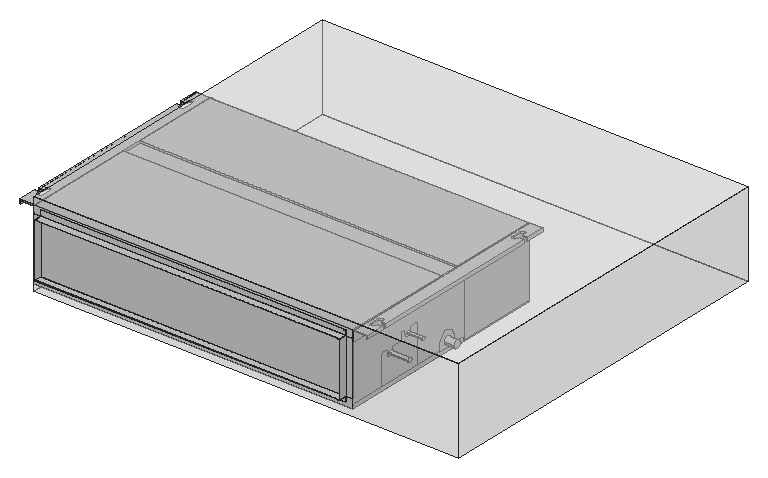
Revit family "outputfile", category 機械設備, Revit 2024
Family settings
  丸型コネクタ寸法 = 半径を使用
  パーツ タイプ = 標準
  OmniClass 番号 = 23.75.10.24.21.27.27
  OmniClass タイトル = Split System Air Conditioning Units
  作業面ベース = いいえ
  常に垂直 = はい
  ロード時にボイドで切り取り = いいえ
  注釈の向きを維持 = いいえ
  共有 = いいえ
  部屋計算ポイント = はい
Parameters (values of type "FDKS25CAVMB")
  Description = ""
  書き出し IFC クラス(タイプ) = "IfcUnitaryEquipmentType"
  定義済み IFC タイプ(タイプ) = "AIRCONDITIONINGUNIT"
  Cost = 0
  Type Comments = ""
  Keynote = ""
  Type Image = (empty or 0)
  Assembly Code = ""
  switch_frequency = yes
  ld_powersupply = Depth / 2  # 310.0 mm
  製造元 = "Daikin"
  モデル = "FDKS25CAVMB"
  r_Liquid Pipe Size = Liquid Pipe Size / 2  # 3.2 mm
  r_Gas Pipe Size = Gas Pipe Size / 2  # 4.75 mm
  r_Drain Pipe Size = Drain Pipe Size / 2  # 10.0 mm
  lw_powersupply = 50.0 mm  # constant formula
  lw_ductflange2 = 820.0 mm
  lw_Width = 860.0 mm
  lh_suctionflange [instance] = 100.0 mm  # constant formula
  ld_suctionflange [instance] = if(Rear Connection_Return Air, 190.0 mm, 100.0 mm)  # 190.0 mm
  connector_voltage = Voltage_50Hz  # 230 V
  connector_powerinput = [Power Input (Cooling)]  # 0.000 kW
  connector_phase = Phase_50Hz  # 1
  angle_vertical_RA [instance] = if(Rear Connection_Return Air, 90.00°, 0.00°)  # 90.00°
  angle horizontal_RA [instance] = if(Rear Connection_Return Air, 180.00°, 270.00°)  # 180.00°
  Voltage_comment_50Hz = "220 - 240"
  Voltage_50Hz = 230 V
  URL = ""
  Supply Air Direction [instance] = yes
  Sound Power Level_H speed (dB) = 0
  Rear Connection_Return Air [instance] = not(Bottom Connection_Return Air)  # yes
  RA_length [instance] = if(Rear Connection_Return Air, 190.0 mm, 100.0 mm)  # 190.0 mm
  Phase_50Hz = 1
  Minimum External Static Pressure = 0.00 Pa
  Minimum Circuit Amps_50Hz = 0.0 A
  Maximum Fuse Amps_50Hz = 0.0 A
  Maximum External Static Pressure = 40.00 Pa
  Material_Casing = DAIKIN_GalvanizedSteel_Casing_indoorunit
  lw_liquidpipe = 46.0 mm  # constant formula
  lw_gaspipe = 57.0 mm  # constant formula
  lw_mountinghole = 940.0 mm
  lw_drainpipe = 30.0 mm  # constant formula
  lh_powersupply = 150.0 mm  # constant formula
  lh_liquidpipe = 90.0 mm  # constant formula
  lh_gaspipe = 113.0 mm  # constant formula
  lh_mountinghole = Height  # 200.0 mm
  lh_drainpipe = 170.0 mm  # constant formula
  lh_antena = 1.0 mm  # constant formula
  ld_liquidpipe = 193.0 mm  # constant formula
  ld_gaspipe = 130.0 mm  # constant formula
  ld_mountinghole = 500.0 mm  # constant formula
  ld_drainpipe = 330.0 mm  # constant formula
  ld_controlbox = 626.0 mm  # constant formula
  h*** = 0.0 mm  # constant formula
  d_dischargeflange = 21.2 mm  # constant formula
  Width = 900.0 mm
  Version = "ver.1.0"
  Unit Type = "Duct (L.S.P)"
  Unit Mass Weight = 25.00 kg
  Unit Designation [instance] = ""
  Uniclass2015Version = "Products v1.30"
  Uniclass2015Title = "Split coil room air conditioning units"
  Uniclass2015Code = "Pr_70_65_03_86"
  Total Cooling Capacity [instance] = 0.000 kW
  Sound Pressure Level_M speed (dBA) = 33
  Sound Pressure Level_L speed (dBA) = 31
  Sound Pressure Level_H speed (dBA) = 35
  Series = "Multi Split_Fan Coil Unit"
  Sensible Cooling Capacity [instance] = 0.000 kW
  SA Duct Size Width = 860.0 mm
  SA Duct Size Height = 153.0 mm
  Refrigerant Type = "R410A"
  RA Duct Size Width = 780.0 mm
  RA Duct Size Height = 160.0 mm
  Power Input (Cooling) = 0.000 kW
  Option Accessory 3 [instance] = ""
  Option Accessory 2 [instance] = ""
  Option Accessory 1 [instance] = ""
  Nominal Cooling Capacity = 2.500 kW
  Minimum Airflow = 480.00 m³/h
  Median Airflow = 528.00 m³/h
  Maximum Airflow = 570.00 m³/h
  Load Classification = HVAC
  Liquid Pipe Size = 6.4 mm
  Link_Nested Family [instance] = ""
  IfcVersion = ""
  IfcExportType = "AIRCONDITIONINGUNIT"
  IfcExportAs = "IfcUnitaryEquipmentType"
  Height = 200.0 mm
  Heat Exchanger Type = "Cross Fin Coil"
  Gas Pipe Size = 9.5 mm
  Frequency_50Hz = 50 Hz
  Fan Type = "Sirocco Fan"
  Fan Drive = "Direct Drive"
  FCU Tag No. [instance] = ""
  Drain Pipe Size = 20.0 mm
  Design Supply Airflow [instance] = 0.00 m³/h
  Design Return Airflow [instance] = 0.00 m³/h
  Design External Static Pressure [instance] = 0.00 Pa
  Depth = 620.0 mm
  既定の高さ = 0.0 mm
  Cooling Entering Wet Bulb Temperature [instance] = 0.00 °C
  Cooling Entering Dry Bulb Temperature [instance] = 0.00 °C
  Cooling Ambient Wet Bulb Temperature [instance] = 0.00 °C
  Cooling Ambient Dry Bulb Temperature [instance] = 0.00 °C
  Clearance visibility [instance] = yes
  Clearance Top = 20.0 mm
  Clearance Right = 300.0 mm
  Clearance Rear = 400.0 mm
  Clearance Left = 0.0 mm
  Clearance Front = 0.0 mm
  Clearance Bottom = 20.0 mm
  Bottom Connection_Return Air [instance] = no
Reference planes
  plane 1 "Center (Front/Back)": y = 0
  plane 2: z = 0
  plane 3 "Center (Left/Right)": x = 0
  plane 4 "Back": y = 310
  plane 5 "Front": y = -310
  plane 6 "Left": x = -450
  plane 7 "Right": x = 450
  plane 8 "Top": z = 0
  plane 9 "Bottom": z = -200
  plane 10: x = -470
  plane 11: x = 470
  plane 12: y = 250
  plane 13: z = 0
  plane 14 "Clearance Left": x = -450
  plane 15 "Clearance Right": x = 750
  plane 16 "Clearance Rear": y = 710
  plane 17 "Clearance Front": y = -310
  plane 18 "Clearance Top": z = 20
  plane 19 "Clearance Bottom": z = -220
  plane 20: y = -250
  plane 21: z = -21
  plane 22: z = -97.5
  plane 23: x = -40
  plane 24: y = 120
  plane 25: z = -100
  plane 26: y = -180
  plane 27: z = -113
  plane 28: y = -117
  plane 29: z = -90
  plane 30: y = 20
  plane 31: z = -170
  plane 32: x = 507
  plane 33: x = 496
  plane 34: x = 480
  plane 35: x = 400
  plane 36: z = -150
Forms (mm)
  Extrusion 1, solid, material "DAIKIN_GalvanizedSteel_Casing_indoorunit" <- "Material_Casing"
    sketch origin (0, 0, 0) x (1, 0, 0) y (0, 1, 0)
      loop
        line (-450, -310) -> (450, -310) -> (450, 310) -> (-450, 310) -> (-450, -310)
    from -200 to 0
  Extrusion 2, void
    sketch origin (0, 0, 1) x (1, 0, 0) y (0, 1, 0)
      loop
        line (-450, 61.5) -> (-450, 3.5) -> (450, 3.5) -> (450, 61.5) -> (-450, 61.5)
    from -1 to -7
  Extrusion 3, solid, material "DAIKIN_GalvanizedSteel_Casing_indoorunit" <- "Material_Casing", visible <- "Bottom Connection_Return Air"
    sketch origin (0, 0, 0) x (1, 0, 0) y (0, 0, 1)
      loop
        line (369, -200) -> (369, -1) -> (-449, -1) -> (-449, -200) -> (369, -200)
    from -310 to -309
  Extrusion 4, solid, material "DAIKIN_GalvanizedSteel_Casing_indoorunit" <- "Material_Casing", visible <- "Rear Connection_Return Air"
    sketch origin (0, 0, 0) x (1, 0, 0) y (0, 1, 0)
      loop
        line (-449, 310) -> (-449, 111) -> (369, 111) -> (369, 310) -> (-449, 310)
    from -200 to -199
  Extrusion 5, solid, material "DAIKIN_GalvanizedSteel_Casing_indoorunit" <- "Material_Casing"
    sketch origin (450, 0, 0) x (0, 1, 0) y (0, 0, 1)
      loop
        circle (-180, -113) r 4.75
    from 0 to 57
  Extrusion 6, solid, material "DAIKIN_GalvanizedSteel_Casing_indoorunit" <- "Material_Casing"
    sketch origin (450, 0, 0) x (0, 1, 0) y (0, 0, 1)
      loop
        circle (-117, -90) r 3.2
    from 0 to 46
  Extrusion 7, solid, material "DAIKIN_GalvanizedSteel_Casing_indoorunit" <- "Material_Casing"
    sketch origin (450, 0, 0) x (0, 1, 0) y (0, 0, 1)
      loop
        circle (20, -170) r 10
    from 0 to 30
  Extrusion 8, solid, material "DAIKIN_GalvanizedSteel_Casing_indoorunit" <- "Material_Casing"
    sketch origin (450, 0, 0) x (0, 1, 0) y (0, 0, 1)
      loop
        line (-310, -200) -> (78.6, -200) -> (78.6, -193)
        arc (78.6, -193) -> (77.721, -190.879) -> (75.6, -190) r 3
        line (75.6, -190) -> (-310, -190) -> (-310, -200)
    from 0 to -1
  Extrusion 9, solid, material "DAIKIN_GalvanizedSteel_Casing_indoorunit" <- "Material_Casing"
    sketch origin (450, 0, 0) x (0, 1, 0) y (0, 0, 1)
      loop
        line (-210, -190) -> (-85.6, -190) -> (-85.6, -83)
        arc (-85.6, -83) -> (-86.479, -80.879) -> (-88.6, -80) r 3
        line (-88.6, -80) -> (-102, -80)
        arc (-102, -80) -> (-104.121, -80.879) -> (-105, -83) r 3
        line (-105, -83) -> (-105, -90)
        arc (-105, -90) -> (-117, -102) -> (-129, -90) r 12
        line (-129, -90) -> (-129, -83)
        arc (-129, -83) -> (-129.879, -80.879) -> (-132, -80) r 3
        line (-132, -80) -> (-136.1, -80)
        arc (-136.1, -80) -> (-138.221, -80.879) -> (-139.1, -83) r 3
        line (-139.1, -83) -> (-139.1, -102.7) -> (-165, -102.7)
        arc (-165, -102.7) -> (-167.121, -103.579) -> (-168, -105.7) r 3
        line (-168, -105.7) -> (-168, -113)
        arc (-168, -113) -> (-180, -125) -> (-192, -113) r 12
        line (-192, -113) -> (-192, -105.7)
        arc (-192, -105.7) -> (-192.879, -103.579) -> (-195, -102.7) r 3
        line (-195, -102.7) -> (-207, -102.7)
        arc (-207, -102.7) -> (-209.121, -103.579) -> (-210, -105.7) r 3
        line (-210, -105.7) -> (-210, -190)
    from 0 to -1
  Extrusion 10, solid, material "DAIKIN_GalvanizedSteel_Casing_indoorunit" <- "Material_Casing"
    sketch origin (450, 0, 0) x (0, 1, 0) y (0, 0, 1)
      loop
        arc (44.5, -170) -> (20, -145.5) -> (-4.5, -170) r 24.5
        line (-4.5, -170) -> (-4.5, -190) -> (44.5, -190) -> (44.5, -170)
    from 0 to -1
  Extrusion 11, solid, material "DAIKIN_GalvanizedSteel_Casing_indoorunit" <- "Material_Casing"
    sketch origin (450, 0, 0) x (0, 1, 0) y (0, 0, 1)
      loop
        arc (86.6, -22) -> (84.479, -22.879) -> (83.6, -25) r 3
        line (83.6, -25) -> (83.6, -194.5)
        arc (83.6, -194.5) -> (84.479, -196.621) -> (86.6, -197.5) r 3
        line (86.6, -197.5) -> (307, -197.5)
        arc (307, -197.5) -> (309.121, -196.621) -> (310, -194.5) r 3
        line (310, -194.5) -> (310, -25)
        arc (310, -25) -> (309.121, -22.879) -> (307, -22) r 3
        line (307, -22) -> (86.6, -22)
    from 0 to -1
Cuts and joins
  Extrusion 2 cuts Extrusion 1
Dimensions and locks
  "Height": plane 8 "Top" to plane 9 "Bottom"
  equal spacing: plane 10, plane 3 "Center (Left/Right)", plane 11
  "lw_mountinghole": plane 10 to plane 11
  equal spacing: plane 6 "Left", plane 3 "Center (Left/Right)", plane 7 "Right"
  "Width": plane 6 "Left" to plane 7 "Right"
  "Clearance Right": plane 7 "Right" to plane 15 "Clearance Right"
  "Clearance Left": plane 14 "Clearance Left" to plane 6 "Left"
  "Clearance Rear": plane 16 "Clearance Rear" to plane 4 "Back"
  "Clearance Front": plane 5 "Front" to plane 17 "Clearance Front"
  "Clearance Top": plane 18 "Clearance Top" to plane 8 "Top"
  "Clearance Bottom": plane 9 "Bottom" to plane 19 "Clearance Bottom"
  "Depth": plane 4 "Back" to plane 5 "Front"
  equal spacing: plane 4 "Back", plane 1 "Center (Front/Back)", plane 5 "Front"
  Extrusion 3 sketch curve to Extrusion 3 sketch curve = 199.0 mm
  locked: plane 20 to plane 5 "Front" at 60
  "ld_mountinghole": plane 12 to plane 20
  locked: plane 8 "Top" to plane 21 at 21
  locked: plane 23 to plane 3 "Center (Left/Right)" at 40
  "ld_suctionflange": plane 4 "Back" to plane 24
  "lh_suctionflange": plane 8 "Top" to plane 25
  "ld_gaspipe": plane 26 to plane 5 "Front"
  "lh_gaspipe": plane 8 "Top" to plane 27
  "ld_liquidpipe": plane 28 to plane 5 "Front"
  "lh_liquidpipe": plane 8 "Top" to plane 29
  "ld_drainpipe": plane 30 to plane 5 "Front"
  "lh_drainpipe": plane 8 "Top" to plane 31
  "lw_gaspipe": plane 7 "Right" to plane 32
  "lw_liquidpipe": plane 7 "Right" to plane 33
  "lw_drainpipe": plane 7 "Right" to plane 34
  "lw_powersupply": plane 35 to plane 7 "Right"
  "lh_powersupply": plane 8 "Top" to plane 36
  "r_Gas Pipe Size": radius of Extrusion 5 sketch curve
  "r_Liquid Pipe Size": radius of Extrusion 6 sketch curve
  "r_Drain Pipe Size": radius of Extrusion 7 sketch curve
  aligned and locked: level to plane 2
  aligned and locked: Extrusion 1 to plane 9 "Bottom"
  aligned and locked: plane 8 "Top" to Extrusion 1
  aligned and locked: plane 11 to nested 2
  aligned and locked: plane 10 to nested 3
  aligned and locked: plane 10 to nested 4
  aligned and locked: plane 8 "Top" to Extrusion 2
  aligned and locked: plane 9 "Bottom" to Extrusion 4  (x2)
  aligned and locked: plane 7 "Right" to cut or joined group of Extrusion 1, Extrusion 2  (x2)
  aligned and locked: plane 3 "Center (Left/Right)" to nested 9
  aligned and locked: plane 6 "Left" to nested 7
  aligned and locked: plane 8 "Top" to nested 9
  aligned and locked: plane 11 to nested 1
  aligned and locked: nested 6 to plane 1 "Center (Front/Back)"
  aligned and locked: plane 3 "Center (Left/Right)" to nested 6
  aligned and locked: level to plane 8 "Top"
  aligned and locked: plane 1 "Center (Front/Back)" to nested 9
  aligned and locked: plane 5 "Front" to nested 10
  aligned and locked: Extrusion 1 sketch curve to plane 5 "Front"
  aligned and locked: plane 21 to nested 10
  aligned and locked: nested 5 to plane 5 "Front"
  aligned and locked: plane 3 "Center (Left/Right)" to nested 5
  aligned and locked: plane 22 to nested 5
  aligned and locked: Extrusion 2 sketch curve to plane 6 "Left"
  aligned and locked: plane 7 "Right" to Extrusion 2 sketch curve
  aligned and locked: nested 11 to plane 23
  aligned and locked: nested 11 to plane 24
  aligned and locked: plane 27 to Extrusion 5 sketch curve
  aligned and locked: plane 26 to Extrusion 5 sketch curve
  aligned and locked: plane 28 to Extrusion 6 sketch curve
  aligned and locked: plane 29 to Extrusion 6 sketch curve
  aligned and locked: plane 31 to Extrusion 7 sketch curve
  aligned and locked: plane 30 to Extrusion 7 sketch curve
  aligned and locked: plane 26 to nested 12
  aligned and locked: nested 12 to plane 27
  aligned and locked: plane 32 to Extrusion 5
  aligned and locked: plane 32 to nested 12
  aligned and locked: plane 33 to Extrusion 6
  aligned and locked: plane 28 to nested 13
  aligned and locked: nested 13 to plane 29
  aligned and locked: plane 33 to nested 13
  aligned and locked: plane 34 to Extrusion 7
  aligned and locked: plane 30 to nested 14
  aligned and locked: nested 14 to plane 31
  aligned and locked: plane 34 to nested 14
  aligned and locked: Extrusion 8 sketch curve to plane 9 "Bottom"
  aligned and locked: Extrusion 8 sketch curve to plane 5 "Front"
  aligned and locked: plane 14 "Clearance Left" to nested 15
  aligned and locked: plane 15 "Clearance Right" to nested 15
  aligned and locked: plane 16 "Clearance Rear" to nested 15
  aligned and locked: nested 15 to plane 17 "Clearance Front"
  aligned and locked: nested 15 to plane 18 "Clearance Top"
  aligned and locked: nested 15 to plane 19 "Clearance Bottom"
  aligned and locked: nested 16 to plane 35
  aligned and locked: nested 16 to plane 36
  aligned and locked: plane 4 "Back" to nested 16
Automatic sketch dimensions
  Extrusion 1 sketch curve to plane 4 "Back" = 0.0 mm
  Extrusion 1 sketch curve to plane 6 "Left" = 0.0 mm
  Extrusion 1 sketch curve to plane 7 "Right" = 0.0 mm
  Extrusion 4 sketch curve to plane 4 "Back" = 0.0 mm
  plane 6 "Left" to Extrusion 3 sketch curve = 1.0 mm
  plane 6 "Left" to Extrusion 4 sketch curve = 1.0 mm
  Extrusion 4 sketch curve to plane 1 "Center (Front/Back)" = 111.0 mm
  Extrusion 3 sketch curve to plane 9 "Bottom" = 0.0 mm
  Extrusion 3 sketch curve to plane 7 "Right" = 81.0 mm
  Extrusion 4 sketch curve to plane 7 "Right" = 81.0 mm
  Extrusion 2 sketch curve to plane 1 "Center (Front/Back)" = 3.5 mm
  Extrusion 2 sketch curve to Extrusion 2 sketch curve = 58.0 mm
  plane 9 "Bottom" to Extrusion 8 sketch curve = 7.0 mm
  Extrusion 8 sketch curve to plane 24 = 44.4 mm
  Extrusion 8 sketch curve to Extrusion 8 sketch curve = 3.0 mm
  Extrusion 9 sketch curve to plane 27 = 0.0 mm
  Extrusion 9 sketch curve to plane 26 = 0.0 mm
  Extrusion 9 sketch curve to plane 29 = 0.0 mm
  Extrusion 9 sketch curve to plane 28 = 0.0 mm
  Extrusion 9 sketch curve to plane 26 = 12.0 mm
  Extrusion 9 sketch curve to plane 25 = 2.7 mm  (x2)
  Extrusion 9 sketch curve to Extrusion 9 sketch curve = 3.0 mm  (x6)
  Extrusion 9 sketch curve to Extrusion 9 sketch curve = 12.0 mm
  plane 9 "Bottom" to Extrusion 9 sketch curve = 10.0 mm
  Extrusion 9 sketch curve to plane 26 = 30.0 mm
  Extrusion 9 sketch curve to plane 28 = 22.1 mm
  Extrusion 9 sketch curve to Extrusion 9 sketch curve = 4.1 mm
  plane 29 to Extrusion 9 sketch curve = 7.0 mm  (x2)
  Extrusion 9 sketch curve to Extrusion 9 sketch curve = 13.4 mm
  Extrusion 10 sketch curve to plane 30 = 0.0 mm
  Extrusion 10 sketch curve to plane 31 = 0.0 mm
  plane 1 "Center (Front/Back)" to Extrusion 10 sketch curve = 4.5 mm
  plane 9 "Bottom" to Extrusion 10 sketch curve = 10.0 mm
  Extrusion 11 sketch curve to plane 4 "Back" = 0.0 mm
  Extrusion 11 sketch curve to Extrusion 11 sketch curve = 3.0 mm  (x3)
  Extrusion 11 sketch curve to plane 21 = 1.0 mm
  Extrusion 11 sketch curve to plane 21 = 4.0 mm
  Extrusion 11 sketch curve to plane 24 = 33.4 mm
  plane 9 "Bottom" to Extrusion 11 sketch curve = 5.5 mm
Nested families
  nested 1: "daikin_mountinghole" at (470, 250, -200), l_antenna <- "lh_antena", Link_Nested Family <- "Link_Nested Family", h_mountinghole <- "lh_mountinghole", type "daikin_mountinghole"
    with show yes, l_antenna 1.0 mm, h_mountinghole 200.0 mm, Link_Nested Family ""
  nested 2: "daikin_mountinghole" at (470, -250, -200), Link_Nested Family <- "Link_Nested Family", l_antenna <- "lh_antena", h_mountinghole <- "lh_mountinghole", type "daikin_mountinghole"
    with show yes, l_antenna 1.0 mm, h_mountinghole 200.0 mm, Link_Nested Family ""
  nested 3: "daikin_mountinghole" at (-470, -250, -200), l_antenna <- "lh_antena", Link_Nested Family <- "Link_Nested Family", h_mountinghole <- "lh_mountinghole", type "daikin_mountinghole"
    with show yes, l_antenna 1.0 mm, h_mountinghole 200.0 mm, Link_Nested Family ""
  nested 4: "daikin_mountinghole" at (-470, 250, -200), l_antenna <- "lh_antena", Link_Nested Family <- "Link_Nested Family", h_mountinghole <- "lh_mountinghole", type "daikin_mountinghole"
    with show yes, l_antenna 1.0 mm, h_mountinghole 200.0 mm, Link_Nested Family ""
  nested 5: "daikin_connector_rotate2" at (0, -310, -97.5), length <- "d_dischargeflange", type "daikin_connector_rotate2"
    with radius 10.0 mm, length 21.2 mm, angle_vertical 90.00°, show_face no
  nested 6: "daikin_△_symbolicline" at (-75, -129.904, 200) x (-0.5, 0.866, 0) z (0, 0, 1), built-in parameter 1001364 <- "Height", visible <- "Supply Air Direction", type "daikin_△_symbolicline"
    with length 300.0 mm
  nested 7: "daikin_ductflange_FDKS-CAVMB_1" at (-40, 310, -100), visible <- "Rear Connection_Return Air", material <- "Material_Casing", width <- "lw_ductflange2", type "daikin_ductflange_FDKS-CAVMB_1"
    with width 820.0 mm, material DAIKIN_GalvanizedSteel_Casing_indoorunit, height 180.0 mm, depth 21.2 mm
  nested 8: "daikin_ductflange_FDKS-CAVMB_1" at (-40, 210, -200) x (1, 0, 0) z (0, 1, 0), visible <- "Bottom Connection_Return Air", material <- "Material_Casing", width <- "lw_ductflange2", type "daikin_ductflange_FDKS-CAVMB_1"
    with width 820.0 mm, material DAIKIN_GalvanizedSteel_Casing_indoorunit, height 180.0 mm, depth 21.2 mm
  nested 9: "daikin_hangerfixture_FDKS-CAVMB" at (0, 0, 0), type "daikin_hangerfixture_FDKS-CAVMB"
    with width 900.0 mm
  nested 10: "daikin_ductflange_FDKS-CAVMB" at (0, 3.5, -364.201), width <- "lw_Width", material <- "Material_Casing", type "daikin_ductflange_FDKS-CAVMB"
    with width 860.0 mm, material DAIKIN_GalvanizedSteel_Casing_indoorunit, height 155.0 mm, depth 21.2 mm
  nested 11: "daikin_connector_rotate3" at (-40, 120, -100), length <- "RA_length", angle_vertical <- "angle_vertical_RA", angle_horizontal <- "angle horizontal_RA", type "daikin_connector_rotate3"
    with show no, radius 10.0 mm, length 190.0 mm, angle_vertical 90.00°, angle_horizontal 180.00°
  nested 12: "daikin_connector_rotate2" at (450, -180, -113) x (0, 1, 0) z (0, 0, 1), length <- "lw_gaspipe", radius <- "r_Gas Pipe Size", type "daikin_connector_rotate2"
    with radius 4.75 mm, length 57.0 mm, angle_vertical 90.00°, show_face no
  nested 13: "daikin_connector_rotate2" at (450, -117, -90) x (0, 1, 0) z (0, 0, 1), radius <- "r_Liquid Pipe Size", length <- "lw_liquidpipe", type "daikin_connector_rotate2"
    with radius 3.2 mm, length 46.0 mm, angle_vertical 90.00°, show_face no
  nested 14: "daikin_connector_rotate2" at (450, 20, -170) x (0, 1, 0) z (0, 0, 1), radius <- "r_Drain Pipe Size", length <- "lw_drainpipe", type "daikin_connector_rotate2"
    with radius 10.0 mm, length 30.0 mm, angle_vertical 90.00°, show_face no
  nested 15: "daikin_clearancespace" at (150, 200, -99.881), visible <- "Clearance visibility", Link_Nested Family <- "Link_Nested Family", show <- "Clearance visibility", type "daikin_clearancespace"
    with width 1200.0 mm, show yes, height 240.0 mm, depth 1020.0 mm, Link_Nested Family ""
  nested 16: "daikin_connector_rotate2" at (400, 0, -150) x (-1, 0, 0) z (0, 0, 1), length <- "ld_powersupply", type "daikin_connector_rotate2"
    with radius 10.0 mm, length 310.0 mm, angle_vertical 90.00°, show_face no
Connectors
  hvac at (0, -331.2, -97.5), driven by "SA Duct Size Height", driven by "SA Duct Size Width"
    settings: on nested 5, index 1, duct flow 0.00 m³/h, flow factor 0, pres drop 0.00 Pa, loss coef 0, conn angle 0.00°, conn width 860.0 mm, conn height 153.0 mm, conn diameter 609.6 mm, duct sys type 1, conn prof type 1, flow config 0, flow direction 2, loss method 4, conn ref index -1, conn util no, is conn primary yes, conn desc "SA Duct"
  hvac at (-40, 310, -100), driven by "RA Duct Size Height", driven by "RA Duct Size Width"
    settings: on nested 11, index 2, duct flow 0.00 m³/h, flow factor 0, pres drop 0.00 Pa, loss coef 0, conn angle 0.00°, conn width 780.0 mm, conn height 160.0 mm, conn diameter 609.6 mm, duct sys type 2, conn prof type 1, flow config 0, flow direction 1, loss method 4, conn ref index -1, conn util no, is conn primary no, conn desc "RA Duct"
  piping at (507, -180, -113), diameter 9.5, driven by "r_Gas Pipe Size"
    settings: on nested 12, index 3, connector inside diameter 609.6 mm, connector length 0.0 mm, flow factor 0, pipe flow 0.00 m³/h, pressure drop 0.0 Pa, fitting loss kfactor 0, connector angle 0.00°, fixture units 0, engagement length 0.0 mm, angle of deflection 0.00°, flow configuration 1, flow direction 2, fitting loss method 0, system type 29, joint type 0, gender type 0, connector reference index -1, connector utility 0, adjustable connector no, is connector primary yes, connector description "Refrigerant Gas Piping"
  piping at (496, -117, -90), diameter 6.4, driven by "r_Liquid Pipe Size"
    settings: on nested 13, index 4, connector inside diameter 609.6 mm, connector length 0.0 mm, flow factor 0, pipe flow 0.00 m³/h, pressure drop 0.0 Pa, fitting loss kfactor 0, connector angle 0.00°, fixture units 0, engagement length 0.0 mm, angle of deflection 0.00°, flow configuration 1, flow direction 1, fitting loss method 0, system type 29, joint type 0, gender type 0, connector reference index -1, connector utility 0, adjustable connector no, is connector primary no, connector description "Refrigerant Liquid Piping"
  piping at (480, 20, -170), diameter 20, driven by "r_Drain Pipe Size"
    settings: on nested 14, index 5, connector inside diameter 609.6 mm, connector length 0.0 mm, flow factor 0, pipe flow 0.00 m³/h, pressure drop 0.0 Pa, fitting loss kfactor 0, connector angle 0.00°, fixture units 0, engagement length 0.0 mm, angle of deflection 0.00°, flow configuration 1, flow direction 2, fitting loss method 4, system type 16, joint type 0, gender type 0, connector reference index -1, connector utility 0, adjustable connector no, is connector primary no, connector description "Condensate Drain Piping"
  electrical at (400, 310, -150), driven by "Load Classification", driven by "connector_powerinput", driven by "connector_voltage", driven by "connector_phase"
    settings: on nested 16, index 6, voltage 230 V, apparent load 0 VA, apparent load phase1 0 VA, apparent load phase2 0 VA, apparent load phase3 0 VA, power factor 1, load classification "HVAC", number of poles 1, system type 30, power factor state 1, is connector primary yes, connector utility no, sub classification motor no, connector description "Power Supply"
Definition of nested family "daikin_ductflange_FDKS-CAVMB_1"
  Parameters (values of type "daikin_ductflange_FDKS-CAVMB_1")
    width [instance] = 620.0 mm
    material [instance] = none
    height [instance] = 180.0 mm
    depth [instance] = 21.2 mm
    Default Elevation = 0.0 mm
  Reference planes
    plane 1 "Center (Front/Back)": y = 0
    plane 2: z = 0
    plane 3 "Center (Left/Right)": x = 0
    plane 4: x = -310
    plane 5: x = 310
    plane 6: z = 90
    plane 7: z = -90
    plane 8: z = 100
    plane 9: z = -100
    plane 10: x = -309
    plane 11: x = 309
  Forms (mm)
    Extrusion 1, solid, material <- "material"
      sketch origin (0, 0, 0) x (1, 0, 0) y (0, 0, 1)
        loop
          line (-290, 80) -> (-290, -80) -> (290, -80) -> (290, 80) -> (-290, 80)
        loop
          line (-309, -99) -> (309, -99) -> (309, 99) -> (-309, 99) -> (-309, -99)
      from 0 to 1
  Dimensions and locks
    equal spacing: plane 5, plane 3 "Center (Left/Right)", plane 4, locked at 310 each
    "width": plane 5 to plane 4
    equal spacing: plane 6, level, plane 7, locked at 90 each
    "height": plane 6 to plane 7
    equal spacing: plane 8, level, plane 9, locked at 100 each
    locked: plane 8 to plane 9 at 200
    plane 10 to plane 4 = 1.0 mm
    locked: plane 5 to plane 11 at 1
    locked: Extrusion 1 sketch curve to Extrusion 1 sketch curve at 19  (x4)
    locked: plane 8 to Extrusion 1 sketch curve at 1
    locked: Extrusion 1 sketch curve to plane 9 at 1
    aligned and locked: level to plane 2
  Automatic sketch dimensions
    plane 4 to Extrusion 1 sketch curve = 1.0 mm
    Extrusion 1 sketch curve to plane 5 = 1.0 mm
Definition of nested family "daikin_hangerfixture_FDKS-CAVMB"
  Parameters (values of type "daikin_hangerfixture_CDKS-EAVMA")
    width = 700.0 mm
    material = none
    height = 30.0 mm
    depth = 618.0 mm
    Default Elevation = 0.0 mm
  Reference planes
    plane 1 "Center (Front/Back)": y = 0
    plane 2: z = 0
    plane 3 "Center (Left/Right)": x = 0
    plane 4: x = 350
    plane 5: y = 309
    plane 6: y = -309
    plane 7: x = -350
    plane 8: z = -30
  Forms (mm)
    Extrusion 1, solid, material <- "material"
      sketch origin (0, 0, 0) x (1, 0, 0) y (0, 0, 1)
        loop
          line (350, 0) -> (350, -30) -> (352.3, -30) -> (352.3, -2.3) -> (387.7, -2.3) -> (387.7, -10) -> (390, -10) -> (390, 0) -> (350, 0)
      from -309 to 309
    Extrusion 2, void
      sketch origin (0, 0, 0) x (0, 1, 0) y (0, 0, 1)
        loop
          line (309, -30) -> (309, -17.979) -> (87.935, -17.979) -> (75.914, -30) -> (309, -30)
      from 0 to 450
    Extrusion 3, void
      sketch origin (0, 0, 0) x (1, 0, 0) y (0, 1, 0)
        loop
          line (390, -243.5) -> (377, -243.5) -> (377, -237)
          arc (377, -237) -> (370, -230) -> (363, -237) r 7
          line (363, -237) -> (363, -263)
          arc (363, -263) -> (370, -270) -> (377, -263) r 7
          line (377, -263) -> (377, -256.5) -> (390, -256.5) -> (390, -243.5)
        loop
          line (390, 243.5) -> (390, 256.5) -> (377, 256.5) -> (377, 263)
          arc (377, 263) -> (370, 270) -> (363, 263) r 7
          line (363, 263) -> (363, 237)
          arc (363, 237) -> (370, 230) -> (377, 237) r 7
          line (377, 237) -> (377, 243.5) -> (390, 243.5)
      from -254.96 to 618
    Extrusion 4, solid, material <- "material"
      sketch origin (0, 0, 0) x (-1, 0, 0) y (0, 0, -1)
        loop
          line (350, 0) -> (390, 0) -> (390, 10) -> (387.7, 10) -> (387.7, 2.3) -> (352.3, 2.3) -> (352.3, 30) -> (350, 30) -> (350, 0)
      from -309 to 309
    Extrusion 5, void
      sketch origin (0, 0, 0) x (-1, 0, 0) y (0, -1, 0)
        loop
          line (390, 243.5) -> (390, 256.5) -> (377, 256.5) -> (377, 263)
          arc (377, 263) -> (370, 270) -> (363, 263) r 7
          line (363, 263) -> (363, 237)
          arc (363, 237) -> (370, 230) -> (377, 237) r 7
          line (377, 237) -> (377, 243.5) -> (390, 243.5)
        loop
          line (390, -243.5) -> (377, -243.5) -> (377, -237)
          arc (377, -237) -> (370, -230) -> (363, -237) r 7
          line (363, -237) -> (363, -263)
          arc (363, -263) -> (370, -270) -> (377, -263) r 7
          line (377, -263) -> (377, -256.5) -> (390, -256.5) -> (390, -243.5)
      from -254.96 to 618
  Cuts and joins
    Extrusion 2, Extrusion 3, Extrusion 5 cuts Extrusion 1
    Extrusion 5 cuts Extrusion 4
  Dimensions and locks
    equal spacing: plane 5, plane 1 "Center (Front/Back)", plane 6
    "depth": plane 5 to plane 6
    plane 6 to plane 1 "Center (Front/Back)" to plane 5 = 309.0 mm, 309.0 mm
    equal spacing: plane 4, plane 3 "Center (Left/Right)", plane 7
    "width": plane 4 to plane 7
    "height": level to plane 8
    aligned and locked: level to plane 2
    aligned and locked: plane 5 to Extrusion 1
    aligned and locked: Extrusion 1 to plane 6
    aligned and locked: Extrusion 1 to plane 4
    aligned and locked: plane 5 to cut or joined group of Extrusion 1, Extrusion 2, Extrusion 3, Extrusion 5
    aligned and locked: cut or joined group of Extrusion 1, Extrusion 2, Extrusion 3, Extrusion 5 to plane 6
    aligned and locked: level to cut or joined group of Extrusion 1, Extrusion 2, Extrusion 3, Extrusion 5
    aligned and locked: cut or joined group of Extrusion 1, Extrusion 2, Extrusion 3, Extrusion 5 to plane 8
    aligned and locked: plane 5 to cut or joined group of Extrusion 4, Extrusion 5
    aligned and locked: cut or joined group of Extrusion 4, Extrusion 5 to plane 6
  Automatic sketch dimensions
    Extrusion 1 sketch curve to plane 4 = 0.0 mm
    Extrusion 1 sketch curve to plane 8 = 0.0 mm
    Extrusion 1 sketch curve to level = 0.0 mm
    plane 4 to Extrusion 1 sketch curve = 2.3 mm
    Extrusion 1 sketch curve to level = 2.3 mm
    Extrusion 1 sketch curve to Extrusion 1 sketch curve = 35.4 mm
    Extrusion 1 sketch curve to Extrusion 1 sketch curve = 2.3 mm
    Extrusion 1 sketch curve to Extrusion 1 sketch curve = 7.7 mm
    Extrusion 2 sketch curve to plane 8 = 0.0 mm
    Extrusion 2 sketch curve to plane 5 = 0.0 mm
    plane 8 to Extrusion 2 sketch curve = 12.021 mm
    Extrusion 2 sketch curve to plane 1 "Center (Front/Back)" = 87.935 mm
    Extrusion 2 sketch curve to Extrusion 2 sketch curve = 12.021 mm
    plane 4 to Extrusion 3 sketch curve = 13.0 mm  (x2)
    Extrusion 3 sketch curve to Extrusion 3 sketch curve = 7.0 mm  (x4)
    Extrusion 3 sketch curve to Extrusion 3 sketch curve = 13.0 mm  (x4)
    plane 6 to Extrusion 3 sketch curve = 46.0 mm
    Extrusion 3 sketch curve to Extrusion 3 sketch curve = 6.5 mm  (x4)
    Extrusion 3 sketch curve to plane 5 = 72.0 mm
    Extrusion 4 sketch curve to plane 7 = 0.0 mm
    Extrusion 4 sketch curve to plane 8 = 0.0 mm
    Extrusion 4 sketch curve to level = 0.0 mm
    Extrusion 4 sketch curve to plane 7 = 2.3 mm
    Extrusion 4 sketch curve to level = 2.3 mm
    Extrusion 4 sketch curve to Extrusion 4 sketch curve = 35.4 mm
    Extrusion 4 sketch curve to Extrusion 4 sketch curve = 2.3 mm
    Extrusion 4 sketch curve to Extrusion 4 sketch curve = 7.7 mm
    Extrusion 5 sketch curve to plane 7 = 13.0 mm  (x2)
    Extrusion 5 sketch curve to Extrusion 5 sketch curve = 7.0 mm  (x4)
    Extrusion 5 sketch curve to Extrusion 5 sketch curve = 13.0 mm  (x4)
    Extrusion 5 sketch curve to plane 5 = 46.0 mm
    Extrusion 5 sketch curve to Extrusion 5 sketch curve = 6.5 mm  (x4)
    plane 6 to Extrusion 5 sketch curve = 72.0 mm
Definition of nested family "daikin_ductflange_FDKS-CAVMB"
  Parameters (values of type "daikin_ductflange_FXDQ-NDVET")
    width [instance] = 660.0 mm
    material [instance] = none
    height [instance] = 155.0 mm
    depth [instance] = 21.2 mm
    Default Elevation = 0.0 mm
  Reference planes
    plane 1 "Center (Front/Back)": y = 0
    plane 2: z = 189.201
    plane 3 "Center (Left/Right)": x = 0
    plane 4: y = -313.5
    plane 5: x = -330
    plane 6: x = 330
    plane 7: y = -334.7
    plane 8: z = 344.201
    plane 9: z = 266.701
    plane 10: z = 343.201
    plane 11: z = 190.201
  Forms (mm)
    Extrusion 1, solid, material <- "material"
      sketch origin (0, 0, 189.201) x (1, 0, 0) y (0, 1, 0)
        loop
          line (-330, -334.7) -> (-330, -313.5) -> (-350, -313.5) -> (-350, -314.5) -> (-331, -314.5) -> (-331, -334.7) -> (-330, -334.7)
        loop
          line (330, -334.7) -> (331, -334.7) -> (331, -314.5) -> (350, -314.5) -> (350, -313.5) -> (330, -313.5) -> (330, -334.7)
      from 1 to 154
    Extrusion 2, solid, material <- "material"
      sketch origin (0, 0, 0) x (0, 1, 0) y (0, 0, 1)
        loop
          line (-313.5, 343.201) -> (-313.5, 358.201) -> (-314.5, 358.201) -> (-314.5, 344.201) -> (-334.7, 344.201) -> (-334.7, 343.201) -> (-313.5, 343.201)
        loop
          line (-313.5, 190.201) -> (-334.7, 190.201) -> (-334.7, 189.201) -> (-314.5, 189.201) -> (-314.5, 175.201) -> (-313.5, 175.201) -> (-313.5, 190.201)
      from -330 to 330
  Dimensions and locks
    plane 4 to plane 1 "Center (Front/Back)" = 313.5 mm
    "depth": plane 7 to plane 4
    equal spacing: plane 8, plane 9, level
    "height": plane 8 to level
    equal spacing: plane 6, plane 3 "Center (Left/Right)", plane 5
    "width": plane 6 to plane 5
    locked: plane 8 to plane 10 at 1
    locked: plane 11 to level at 1
    locked: Extrusion 1 to Extrusion 2 sketch curve at 1
    locked: Extrusion 2 sketch curve to Extrusion 1 at 1
    plane 10 to plane 11 = 153.0 mm
    aligned and locked: level to plane 2
    aligned and locked: Extrusion 2 to plane 5
    aligned and locked: Extrusion 2 to plane 11
    aligned and locked: Extrusion 2 to plane 10
    aligned and locked: plane 6 to Extrusion 2
    aligned and locked: plane 5 to Extrusion 2  (x2)
    aligned and locked: plane 5 to Extrusion 1  (x2)
    aligned and locked: Extrusion 1 to plane 6
    aligned and locked: plane 6 to Extrusion 1
    aligned and locked: Extrusion 1 to plane 10
  Automatic sketch dimensions
    Extrusion 2 sketch curve to plane 7 = 0.0 mm  (x2)
    Extrusion 2 sketch curve to plane 4 = 0.0 mm  (x2)
    Extrusion 2 sketch curve to plane 11 = 0.0 mm
    Extrusion 2 sketch curve to plane 10 = 0.0 mm
    Extrusion 2 sketch curve to plane 4 = 1.0 mm  (x2)
    Extrusion 2 sketch curve to level = 14.0 mm
    plane 8 to Extrusion 2 sketch curve = 14.0 mm
    Extrusion 1 sketch curve to plane 4 = 0.0 mm  (x2)
    Extrusion 1 sketch curve to plane 7 = 0.0 mm  (x2)
    Extrusion 1 sketch curve to plane 5 = 0.0 mm
    Extrusion 1 sketch curve to plane 6 = 0.0 mm
    Extrusion 1 sketch curve to plane 5 = 1.0 mm
    Extrusion 1 sketch curve to Extrusion 1 sketch curve = 19.0 mm  (x2)
    Extrusion 1 sketch curve to Extrusion 1 sketch curve = 1.0 mm
    Extrusion 1 sketch curve to plane 4 = 1.0 mm  (x2)
Definition of nested family "daikin_clearancespace"
  Parameters (values of type "daikin_clearancespace")
    Description = "daikin_clearancespace"
    width [instance] = 1823.963 mm
    show [instance] = yes
    material = none
    height [instance] = 1359.762 mm
    depth [instance] = 880.0 mm
    Default Elevation = 0.0 mm
    Link_Nested Family [instance] = ""
  Reference planes
    plane 1 "Center (Front/Back)": y = 0
    plane 2 "Center (Elevation)": z = -0.119
    plane 3 "Center (Left/Right)": x = 0
    plane 4: y = 440
    plane 5: y = -440
    plane 6 "Right": x = 911.982
    plane 7 "Left": x = -911.982
    plane 8 "Top": z = 679.762
    plane 9 "Bottom": z = -680
  Forms (mm)
    Extrusion 1, solid, material <- "material", visible <- "show"
      sketch origin (0, 0, 0) x (1, 0, 0) y (0, 1, 0)
        loop
          line (-911.982, 440) -> (-911.982, -440) -> (911.982, -440) -> (911.982, 440) -> (-911.982, 440)
      from -680 to 679.762
  Lines and regions (mm)
    symbolic lines, visible <- "show"
      curve 1: line (911.982, 440, 0) -> (-911.982, 440, 0)
      curve 2: line (-911.982, 440, 0) -> (-911.982, -440, 0)
      curve 3: line (-911.982, -440, 0) -> (911.982, -440, 0)
      curve 4: line (911.982, -440, 0) -> (911.982, 440, 0)
      curve 5: line (911.982, 0, 679.762) -> (-911.982, 0, 679.762)
      curve 6: line (911.982, 0, -680) -> (911.982, 0, 679.762)
      curve 7: line (-911.982, 0, -680) -> (911.982, 0, -680)
      curve 8: line (-911.982, 0, 679.762) -> (-911.982, 0, -680)
      curve 9: line (0, 440, 679.762) -> (0, -440, 679.762)
      curve 10: line (0, -440, 679.762) -> (0, -440, -680)
      curve 11: line (0, 440, -680) -> (0, 440, 679.762)
      curve 12: line (0, -440, -680) -> (0, 440, -680)
  Dimensions and locks
    "width": plane 7 "Left" to plane 6 "Right"
    "depth": plane 4 to plane 5
    "height": plane 8 "Top" to plane 9 "Bottom"
    equal spacing: plane 7 "Left", plane 3 "Center (Left/Right)", plane 6 "Right"
    equal spacing: plane 4, plane 1 "Center (Front/Back)", plane 5
    equal spacing: plane 8 "Top", plane 2 "Center (Elevation)", plane 9 "Bottom"
    aligned and locked: level to plane 2 "Center (Elevation)"
    aligned and locked: Extrusion 1 sketch curve to plane 4
    aligned and locked: plane 7 "Left" to Extrusion 1 sketch curve
    aligned and locked: Extrusion 1 sketch curve to plane 5
    aligned and locked: Extrusion 1 sketch curve to plane 6 "Right"
    aligned and locked: plane 8 "Top" to Extrusion 1
    aligned and locked: curve 1 to Extrusion 1
    aligned and locked: curve 2 to Extrusion 1
    aligned and locked: curve 3 to Extrusion 1
    aligned and locked: curve 4 to Extrusion 1
    aligned and locked: curve 5 to Extrusion 1
    aligned and locked: curve 6 to Extrusion 1
    aligned and locked: curve 7 to Extrusion 1
    aligned and locked: curve 8 to Extrusion 1
    aligned and locked: curve 9 to Extrusion 1
    aligned and locked: curve 10 to Extrusion 1
    aligned and locked: curve 11 to Extrusion 1
    aligned and locked: curve 12 to Extrusion 1
    aligned and locked: Extrusion 1 to plane 9 "Bottom"
Definition of nested family "daikin_mountinghole"
  Parameters (values of type "daikin_mountinghole")
    Default Elevation = 1219.2 mm
    Type Comments = "mountinghole"
    show [instance] = yes
    material = none
    l_centerline = 100.0 mm
    l_antenna [instance] = 100.0 mm
    h_mountinghole [instance] = 0.0 mm
    d_circle = 30.0 mm
    Link_Nested Family [instance] = ""
  Reference planes
    plane 1 "Center (Front/Back)": y = 0
    plane 2: z = 0
    plane 3 "Center (Left/Right)": x = 0
    plane 4: y = 50
    plane 5: x = -50
    plane 6: x = 50
    plane 7: y = -50
    plane 8 "h_mountinghole": z = 0
    plane 9: z = 100
  Lines and regions (mm)
    model lines, detail levels fine
      curve 1: circle (0, 0, 0) r 15 normal (0, 0, 1)
      curve 2: line (-50, 0, 0) -> (50, 0, 0)
      curve 3: line (0, 50, 0) -> (0, -50, 0)
    symbolic lines, detail levels fine
      curve 4: circle (0, 0, 0) r 15 normal (0, 0, 1)
      curve 5: line (-50, 0, 0) -> (50, 0, 0)
      curve 6: line (0, 50, 0) -> (0, -50, 0)
    model lines
      curve 7: line (0, 0, 100) -> (0, 0, 0)
  Dimensions and locks
    equal spacing: plane 4, plane 1 "Center (Front/Back)", plane 7
    "l_centerline": plane 4 to plane 7
    equal spacing: plane 5, plane 3 "Center (Left/Right)", plane 6
    "l_centerline": plane 5 to plane 6
    "l_antenna": plane 9 to plane 8 "h_mountinghole"
    "h_mountinghole": plane 8 "h_mountinghole" to plane 2
    "d_circle": diameter of curve 1
    "d_circle": diameter of curve 4
    aligned and locked: level to plane 2
    aligned and locked: plane 1 "Center (Front/Back)" to curve 1
    aligned and locked: plane 3 "Center (Left/Right)" to curve 1
    aligned and locked: plane 1 "Center (Front/Back)" to curve 2
    aligned and locked: curve 3 to plane 3 "Center (Left/Right)"
    aligned and locked: plane 6 to curve 2
    aligned and locked: plane 5 to curve 2
    aligned and locked: plane 4 to curve 3
    aligned and locked: plane 7 to curve 3
    aligned and locked: plane 1 "Center (Front/Back)" to curve 4
    aligned and locked: plane 3 "Center (Left/Right)" to curve 4
    aligned and locked: plane 6 to curve 5
    aligned and locked: plane 5 to curve 5
    aligned and locked: plane 1 "Center (Front/Back)" to curve 5
    aligned and locked: plane 4 to curve 6
    aligned and locked: plane 7 to curve 6
    aligned and locked: curve 6 to plane 3 "Center (Left/Right)"
    aligned and locked: curve 7 to plane 3 "Center (Left/Right)"
    aligned and locked: plane 9 to curve 7
    aligned and locked: plane 8 "h_mountinghole" to curve 7
Definition of nested family "daikin_connector_rotate2"
  Parameters (values of type "daikin_connector_rotate2")
    show_face = yes
    radius [instance] = 10.0 mm
    length [instance] = 600.0 mm
    d_surface = 10.0 mm
    angle_vertical [instance] = 90.00°
    Default Elevation = 0.0 mm
  Reference planes
    plane 1 "Center (Front/Back)": y = 0
    plane 2: z = 0
    plane 3 "Center (Left/Right)": x = 0
  Forms (mm)
    Extrusion 1, solid, visible <- "show_face"
      sketch origin (0, -600, 0) x (1, 0, 0) y (0, 0, 1)
        loop
          circle (0, 0) r 10
      from 0 to -10
  Lines and regions (mm)
    reference lines
      curve 1: line (0, 0, 0) -> (0, -600, 0)
    symbolic lines
      curve 2: circle (0, 0, 0) r 5 normal (0, 0, 1)
    model lines, visible <- "show_face"
      curve 3: line (0, 0, 0) -> (0, -600, 0)
  Dimensions and locks
    "length": curve 1 to curve 1
    "length": curve 3 to curve 3
    "d_surface": Extrusion 1 to Extrusion 1
    "radius": radius of Extrusion 1 sketch curve
    "angle_vertical": angle curve 1 to plane 1 "Center (Front/Back)"
    "angle_vertical": angle curve 3 to plane 1 "Center (Front/Back)"
    aligned and locked: level to plane 2
    aligned and locked: plane 1 "Center (Front/Back)" to curve 1
    aligned and locked: plane 2 to curve 1
    aligned and locked: plane 1 "Center (Front/Back)" to curve 2
    aligned and locked: plane 3 "Center (Left/Right)" to curve 2
    aligned and locked: plane 1 "Center (Front/Back)" to curve 3
    aligned and locked: plane 2 to curve 3
    aligned and locked: Extrusion 1 to Extrusion 1
  Automatic sketch dimensions
    Extrusion 1 sketch curve to level = 0.0 mm
    Extrusion 1 sketch curve to plane 3 "Center (Left/Right)" = 0.0 mm
    radius of curve 2 = 5.0 mm
Definition of nested family "daikin_△_symbolicline"
  Parameters (values of type "daikin_△_symbolicline")
    length [instance] = 500.0 mm
    Default Elevation = 0.0 mm
  Reference planes
    plane 1 "Center (Front/Back)": y = 0
    plane 2: z = 0
    plane 3 "Center (Left/Right)": x = 0
  Lines and regions (mm)
    symbolic lines
      curve 1: line (0, -433.013, 0) -> (250, 0, 0)
      curve 2: line (250, 0, 0) -> (-250, 0, 0)
      curve 3: line (-250, 0, 0) -> (0, -433.013, 0)
  Dimensions and locks
    equal spacing: curve 3, plane 3 "Center (Left/Right)", curve 2
    "length": curve 3 to curve 2
    "length": curve 3 to curve 3
    "length": curve 1 to curve 1
    aligned and locked: level to plane 2
    aligned and locked: curve 2 to plane 1 "Center (Front/Back)"
    aligned and locked: plane 3 "Center (Left/Right)" to curve 3
Definition of nested family "daikin_connector_rotate3"
  Parameters (values of type "daikin_connector_rotate3")
    Default Elevation = 1219.2 mm
    show [instance] = yes
    radius [instance] = 10.0 mm
    length [instance] = 600.0 mm
    angle_horizontal [instance] = 60.00°
    angle_vertical [instance] = 90.00°
  Reference planes
    plane 1 "Center (Front/Back)": y = 0
    plane 2: z = 0
    plane 3 "Center (Left/Right)": x = 0
  Dimensions and locks
    "angle_horizontal": angle plane 3 "Center (Left/Right)" to nested 1
    aligned and locked: level to plane 2
    aligned and locked: plane 1 "Center (Front/Back)" to nested 1  (x2)
    aligned and locked: plane 3 "Center (Left/Right)" to nested 1
  Nested families
    nested 1: "daikin_connector_rotate2" at (0, 0, 0) x (0.5, 0.866, 0) z (0, 0, 1), angle_vertical <- "angle_vertical", length <- "length", radius <- "radius", type "daikin_connector_rotate2"
      with radius 10.0 mm, length 600.0 mm, angle_vertical 90.00°
  Definition of nested family "daikin_connector_rotate2"
    Parameters (values of type "daikin_connector_rotate2")
      show_face = yes
      radius [instance] = 10.0 mm
      length [instance] = 600.0 mm
      d_surface = 10.0 mm
      angle_vertical [instance] = 90.00°
      Default Elevation = 0.0 mm
    Reference planes
      plane 1 "Center (Front/Back)": y = 0
      plane 2: z = 0
      plane 3 "Center (Left/Right)": x = 0
    Forms (mm)
      Extrusion 1, solid, visible <- "show_face"
        sketch origin (0, -600, 0) x (1, 0, 0) y (0, 0, 1)
          loop
            circle (0, 0) r 10
        from 0 to -10
    Lines and regions (mm)
      reference lines
        curve 1: line (0, 0, 0) -> (0, -600, 0)
      symbolic lines
        curve 2: circle (0, 0, 0) r 5 normal (0, 0, 1)
      model lines, visible <- "show_face"
        curve 3: line (0, 0, 0) -> (0, -600, 0)
    Dimensions and locks
      "length": curve 1 to curve 1
      "length": curve 3 to curve 3
      "d_surface": Extrusion 1 to Extrusion 1
      "radius": radius of Extrusion 1 sketch curve
      "angle_vertical": angle curve 1 to plane 1 "Center (Front/Back)"
      "angle_vertical": angle curve 3 to plane 1 "Center (Front/Back)"
      aligned and locked: level to plane 2
      aligned and locked: plane 1 "Center (Front/Back)" to curve 1
      aligned and locked: plane 2 to curve 1
      aligned and locked: plane 1 "Center (Front/Back)" to curve 2
      aligned and locked: plane 3 "Center (Left/Right)" to curve 2
      aligned and locked: plane 1 "Center (Front/Back)" to curve 3
      aligned and locked: plane 2 to curve 3
      aligned and locked: Extrusion 1 to Extrusion 1
    Automatic sketch dimensions
      Extrusion 1 sketch curve to level = 0.0 mm
      Extrusion 1 sketch curve to plane 3 "Center (Left/Right)" = 0.0 mm
      radius of curve 2 = 5.0 mm
